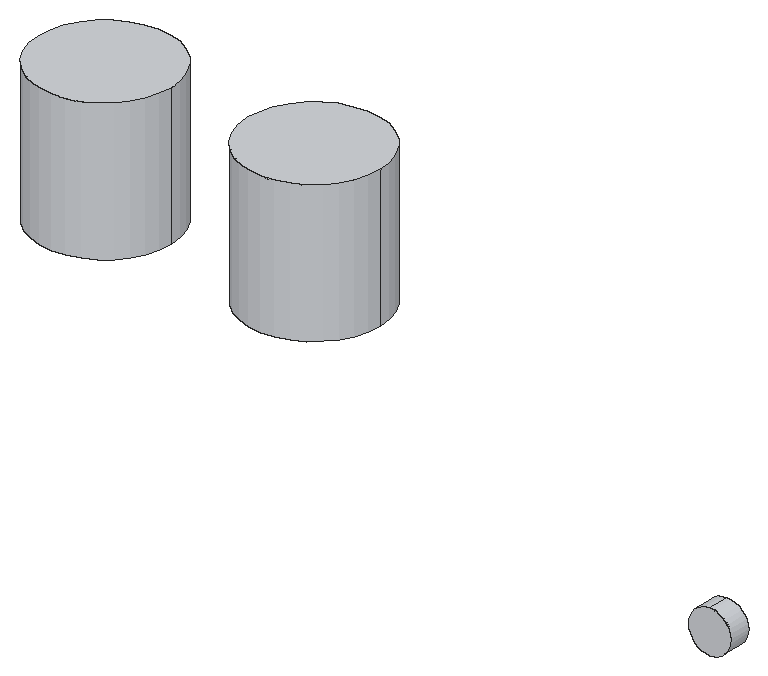
Revit family "MCX3-Untertisch_001_BIM", category Allgemeines Modell, Revit 2018
Family settings
  Kann Basisbauteil für Bewehrung sein = Nein
  Bemaßung runder Anschluss = Durchmesser verwenden
  Teiletyp = Normal
  Arbeitsebenenbasiert = Nein
  Immer vertikal = Ja
  Beim Laden mit Abzugskörper schneiden = Nein
  Gemeinsam genutzt = Nein
  Raumberechnungspunkt = Nein
Parameters (values of type "Norm")
  Verbindung_3_Durchmesser = 0 mm
  Verbindung_2_Durchmesser = 0 mm
  URL = "https://www.clage.de/de/Produkte/E-Kleindurchlauferhitzer/MCX"
  Modell = "MCX"
  Hersteller = "Clage"
  Beschreibung = "E-Kleindurchlauferhitzer"
Reference planes
  plane 1 "Mitte (Vorne/Hinten)": y = 0
  plane 2: z = 0
  plane 3 "Mitte (Links/Rechts)": x = 0
Forms (mm)
  Extrusion 1, solid
    sketch origin (63.017, 6.6, 36.189) x (0, 0, 1) y (1, 0, 0)
      loop
        circle (0, 0) r 3.048
    from 0 to -3.048
  Extrusion 2, solid
    sketch origin (-15, -7.5, 86.997) x (1, 0, 0) y (0, 1, 0)
      loop
        circle (0, 0) r 9.525
    from 0 to -20.142
  Extrusion 3, solid
    sketch origin (15, -7.5, 86.997) x (1, 0, 0) y (0, 1, 0)
      loop
        circle (0, 0) r 9.525
    from 0 to -20.142
Dimensions and locks
  aligned and locked: level to plane 2
Connectors
  electrical at (63.017, 6.6, 36.189)
    settings: on Extrusion 1, index 1, voltage 230 V, apparent load 0 VA, apparent load phase1 0 VA, apparent load phase2 0 VA, apparent load phase3 0 VA, power factor 0, load classification "Sonstige", number of poles 1, system type 30, power factor state 1, is connector primary yes, connector utility no, sub classification motor no, connector description ""
  piping at (-15, -7.5, 86.997), diameter 9.5
    settings: on Extrusion 2, index 2, connector inside diameter 609.6 mm, connector length 0 mm, flow factor 0, pipe flow 2.0 L/s, pressure drop 37000.0 Pa, fitting loss kfactor 0, connector angle 0.00°, fixture units 0, engagement length 0 mm, angle of deflection 0.00°, flow configuration 1, flow direction 1, fitting loss method 4, system type 20, joint type 0, gender type 0, connector reference index -1, connector utility 0, adjustable connector no, is connector primary yes, connector description ""
  piping at (15, -7.5, 86.997), diameter 9.5
    settings: on Extrusion 3, index 3, connector inside diameter 609.6 mm, connector length 0 mm, flow factor 0, pipe flow 2.0 L/s, pressure drop 37000.0 Pa, fitting loss kfactor 0, connector angle 0.00°, fixture units 0, engagement length 0 mm, angle of deflection 0.00°, flow configuration 1, flow direction 2, fitting loss method 4, system type 19, joint type 0, gender type 0, connector reference index -1, connector utility 0, adjustable connector no, is connector primary no, connector description ""
